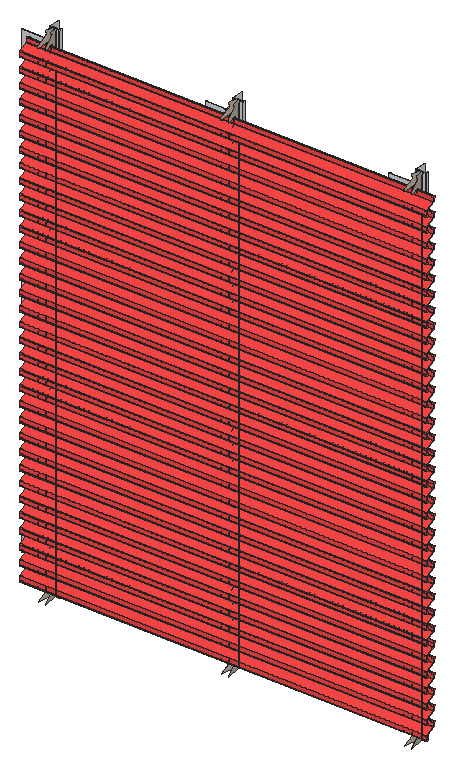
Revit family "HD002-2015.01.12-BT-Conjunto Celosia 70S", category Generic Models, Revit 2016 (continued)
Definition of nested family "Portapanel Paso 70"
  Forms (mm)
    Extrusion 31, void
      sketch origin (54.366, 0.652, 2014.344) x (0, 0, 1) y (0, 1, 0)
        loop
          line (63.925, -39) -> (49.964, -35.259)
          arc (49.964, -35.259) -> (46.36, -35.416) -> (43.498, -37.611) r 6
          line (43.498, -37.611) -> (15.394, -77.719)
          arc (15.394, -77.719) -> (13.607, -79.286) -> (11.299, -79.85) r 5
      from 0 to 250
    Extrusion 32, void
      sketch origin (54.366, 0.652, 2084.344) x (0, 0, 1) y (0, 1, 0)
        loop
          line (11.299, -79.85) -> (11.299, -81.029) -> (81.299, -81.029) -> (81.299, -79.85) -> (77.826, -79.85)
          arc (77.826, -79.85) -> (76.412, -79.264) -> (75.826, -77.85) r 2
          arc (75.826, -77.85) -> (76.119, -77.143) -> (76.826, -76.85) r 1
          line (76.826, -76.85) -> (77.826, -76.85)
          arc (77.826, -76.85) -> (78.18, -76.704) -> (78.326, -76.35) r 0.5
          line (78.326, -76.35) -> (78.326, -74.35)
          arc (78.326, -74.35) -> (78.18, -73.997) -> (77.826, -73.85) r 0.5
          line (77.826, -73.85) -> (76.175, -73.85)
          arc (76.175, -73.85) -> (74.589, -73.068) -> (74.243, -71.333) r 2
          line (74.243, -71.333) -> (83.826, -35.57) -> (83.826, -27.35)
          arc (83.826, -27.35) -> (82.947, -25.229) -> (80.826, -24.35) r 3
          line (80.826, -24.35) -> (66.826, -24.35)
          arc (66.826, -24.35) -> (64.705, -25.229) -> (63.826, -27.35) r 3
          line (63.826, -27.35) -> (63.826, -31.829)
          arc (63.826, -31.829) -> (63.939, -32.291) -> (64.252, -32.648) r 1
          line (64.252, -32.648) -> (67.062, -34.616) -> (68.897, -34.124) -> (71.168, -34.951)
          arc (71.168, -34.951) -> (71.822, -35.803) -> (71.326, -36.756) r 1
          line (71.326, -36.756) -> (68.478, -38.4)
          arc (68.478, -38.4) -> (66.261, -39.153) -> (63.925, -39) r 6
          line (63.925, -39) -> (49.964, -35.259)
          arc (49.964, -35.259) -> (46.36, -35.416) -> (43.498, -37.611) r 6
          line (43.498, -37.611) -> (15.394, -77.719)
          arc (15.394, -77.719) -> (13.607, -79.286) -> (11.299, -79.85) r 5
      from 0 to 250
    Extrusion 33, void
      sketch origin (54.366, 0.652, 2154.344) x (0, 0, 1) y (0, 1, 0)
        loop
          line (11.299, -79.85) -> (11.299, -81.029) -> (81.299, -81.029) -> (81.299, -79.85) -> (77.826, -79.85)
          arc (77.826, -79.85) -> (76.412, -79.264) -> (75.826, -77.85) r 2
          arc (75.826, -77.85) -> (76.119, -77.143) -> (76.826, -76.85) r 1
          line (76.826, -76.85) -> (77.826, -76.85)
          arc (77.826, -76.85) -> (78.18, -76.704) -> (78.326, -76.35) r 0.5
          line (78.326, -76.35) -> (78.326, -74.35)
          arc (78.326, -74.35) -> (78.18, -73.997) -> (77.826, -73.85) r 0.5
          line (77.826, -73.85) -> (76.175, -73.85)
          arc (76.175, -73.85) -> (74.589, -73.068) -> (74.243, -71.333) r 2
          line (74.243, -71.333) -> (83.826, -35.57) -> (83.826, -27.35)
          arc (83.826, -27.35) -> (82.947, -25.229) -> (80.826, -24.35) r 3
          line (80.826, -24.35) -> (66.826, -24.35)
          arc (66.826, -24.35) -> (64.705, -25.229) -> (63.826, -27.35) r 3
          line (63.826, -27.35) -> (63.826, -31.829)
          arc (63.826, -31.829) -> (63.939, -32.291) -> (64.252, -32.648) r 1
          line (64.252, -32.648) -> (67.062, -34.616) -> (68.897, -34.124) -> (71.168, -34.951)
          arc (71.168, -34.951) -> (71.822, -35.803) -> (71.326, -36.756) r 1
          line (71.326, -36.756) -> (68.478, -38.4)
          arc (68.478, -38.4) -> (66.261, -39.153) -> (63.925, -39) r 6
          line (63.925, -39) -> (49.964, -35.259)
          arc (49.964, -35.259) -> (46.36, -35.416) -> (43.498, -37.611) r 6
          line (43.498, -37.611) -> (15.394, -77.719)
          arc (15.394, -77.719) -> (13.607, -79.286) -> (11.299, -79.85) r 5
      from 0 to 250
    Extrusion 34, void
      sketch origin (54.366, 0.652, 2224.344) x (0, 0, 1) y (0, 1, 0)
        loop
          line (11.299, -79.85) -> (11.299, -81.029) -> (81.299, -81.029) -> (81.299, -79.85) -> (77.826, -79.85)
          arc (77.826, -79.85) -> (76.412, -79.264) -> (75.826, -77.85) r 2
          arc (75.826, -77.85) -> (76.119, -77.143) -> (76.826, -76.85) r 1
          line (76.826, -76.85) -> (77.826, -76.85)
          arc (77.826, -76.85) -> (78.18, -76.704) -> (78.326, -76.35) r 0.5
          line (78.326, -76.35) -> (78.326, -74.35)
          arc (78.326, -74.35) -> (78.18, -73.997) -> (77.826, -73.85) r 0.5
          line (77.826, -73.85) -> (76.175, -73.85)
          arc (76.175, -73.85) -> (74.589, -73.068) -> (74.243, -71.333) r 2
          line (74.243, -71.333) -> (83.826, -35.57) -> (83.826, -27.35)
          arc (83.826, -27.35) -> (82.947, -25.229) -> (80.826, -24.35) r 3
          line (80.826, -24.35) -> (66.826, -24.35)
          arc (66.826, -24.35) -> (64.705, -25.229) -> (63.826, -27.35) r 3
          line (63.826, -27.35) -> (63.826, -31.829)
          arc (63.826, -31.829) -> (63.939, -32.291) -> (64.252, -32.648) r 1
          line (64.252, -32.648) -> (67.062, -34.616) -> (68.897, -34.124) -> (71.168, -34.951)
          arc (71.168, -34.951) -> (71.822, -35.803) -> (71.326, -36.756) r 1
          line (71.326, -36.756) -> (68.478, -38.4)
          arc (68.478, -38.4) -> (66.261, -39.153) -> (63.925, -39) r 6
          line (63.925, -39) -> (49.964, -35.259)
          arc (49.964, -35.259) -> (46.36, -35.416) -> (43.498, -37.611) r 6
          line (43.498, -37.611) -> (15.394, -77.719)
          arc (15.394, -77.719) -> (13.607, -79.286) -> (11.299, -79.85) r 5
      from 0 to 250
    Extrusion 35, void
      sketch origin (54.366, 0.652, 2294.344) x (0, 0, 1) y (0, 1, 0)
        loop
          line (11.299, -79.85) -> (11.299, -81.029) -> (81.299, -81.029) -> (81.299, -79.85) -> (77.826, -79.85)
          arc (77.826, -79.85) -> (76.412, -79.264) -> (75.826, -77.85) r 2
          arc (75.826, -77.85) -> (76.119, -77.143) -> (76.826, -76.85) r 1
          line (76.826, -76.85) -> (77.826, -76.85)
          arc (77.826, -76.85) -> (78.18, -76.704) -> (78.326, -76.35) r 0.5
          line (78.326, -76.35) -> (78.326, -74.35)
          arc (78.326, -74.35) -> (78.18, -73.997) -> (77.826, -73.85) r 0.5
          line (77.826, -73.85) -> (76.175, -73.85)
          arc (76.175, -73.85) -> (74.589, -73.068) -> (74.243, -71.333) r 2
          line (74.243, -71.333) -> (83.826, -35.57) -> (83.826, -27.35)
          arc (83.826, -27.35) -> (82.947, -25.229) -> (80.826, -24.35) r 3
          line (80.826, -24.35) -> (66.826, -24.35)
          arc (66.826, -24.35) -> (64.705, -25.229) -> (63.826, -27.35) r 3
          line (63.826, -27.35) -> (63.826, -31.829)
          arc (63.826, -31.829) -> (63.939, -32.291) -> (64.252, -32.648) r 1
          line (64.252, -32.648) -> (67.062, -34.616) -> (68.897, -34.124) -> (71.168, -34.951)
          arc (71.168, -34.951) -> (71.822, -35.803) -> (71.326, -36.756) r 1
          line (71.326, -36.756) -> (68.478, -38.4)
          arc (68.478, -38.4) -> (66.261, -39.153) -> (63.925, -39) r 6
          line (63.925, -39) -> (49.964, -35.259)
          arc (49.964, -35.259) -> (46.36, -35.416) -> (43.498, -37.611) r 6
          line (43.498, -37.611) -> (15.394, -77.719)
          arc (15.394, -77.719) -> (13.607, -79.286) -> (11.299, -79.85) r 5
      from 0 to 250
    Extrusion 36, void
      sketch origin (54.366, 0.652, 2364.344) x (0, 0, 1) y (0, 1, 0)
        loop
          line (11.299, -79.85) -> (11.299, -81.029) -> (81.299, -81.029) -> (81.299, -79.85) -> (77.826, -79.85)
          arc (77.826, -79.85) -> (76.412, -79.264) -> (75.826, -77.85) r 2
          arc (75.826, -77.85) -> (76.119, -77.143) -> (76.826, -76.85) r 1
          line (76.826, -76.85) -> (77.826, -76.85)
          arc (77.826, -76.85) -> (78.18, -76.704) -> (78.326, -76.35) r 0.5
          line (78.326, -76.35) -> (78.326, -74.35)
          arc (78.326, -74.35) -> (78.18, -73.997) -> (77.826, -73.85) r 0.5
          line (77.826, -73.85) -> (76.175, -73.85)
          arc (76.175, -73.85) -> (74.589, -73.068) -> (74.243, -71.333) r 2
          line (74.243, -71.333) -> (83.826, -35.57) -> (83.826, -27.35)
          arc (83.826, -27.35) -> (82.947, -25.229) -> (80.826, -24.35) r 3
          line (80.826, -24.35) -> (66.826, -24.35)
          arc (66.826, -24.35) -> (64.705, -25.229) -> (63.826, -27.35) r 3
          line (63.826, -27.35) -> (63.826, -31.829)
          arc (63.826, -31.829) -> (63.939, -32.291) -> (64.252, -32.648) r 1
          line (64.252, -32.648) -> (67.062, -34.616) -> (68.897, -34.124) -> (71.168, -34.951)
          arc (71.168, -34.951) -> (71.822, -35.803) -> (71.326, -36.756) r 1
          line (71.326, -36.756) -> (68.478, -38.4)
          arc (68.478, -38.4) -> (66.261, -39.153) -> (63.925, -39) r 6
          line (63.925, -39) -> (49.964, -35.259)
          arc (49.964, -35.259) -> (46.36, -35.416) -> (43.498, -37.611) r 6
          line (43.498, -37.611) -> (15.394, -77.719)
          arc (15.394, -77.719) -> (13.607, -79.286) -> (11.299, -79.85) r 5
      from 0 to 250
    Extrusion 37, void
      sketch origin (54.366, 0.652, 2434.344) x (0, 0, 1) y (0, 1, 0)
        loop
          line (11.299, -79.85) -> (11.299, -81.029) -> (81.299, -81.029) -> (81.299, -79.85) -> (77.826, -79.85)
          arc (77.826, -79.85) -> (76.412, -79.264) -> (75.826, -77.85) r 2
          arc (75.826, -77.85) -> (76.119, -77.143) -> (76.826, -76.85) r 1
          line (76.826, -76.85) -> (77.826, -76.85)
          arc (77.826, -76.85) -> (78.18, -76.704) -> (78.326, -76.35) r 0.5
          line (78.326, -76.35) -> (78.326, -74.35)
          arc (78.326, -74.35) -> (78.18, -73.997) -> (77.826, -73.85) r 0.5
          line (77.826, -73.85) -> (76.175, -73.85)
          arc (76.175, -73.85) -> (74.589, -73.068) -> (74.243, -71.333) r 2
          line (74.243, -71.333) -> (83.826, -35.57) -> (83.826, -27.35)
          arc (83.826, -27.35) -> (82.947, -25.229) -> (80.826, -24.35) r 3
          line (80.826, -24.35) -> (66.826, -24.35)
          arc (66.826, -24.35) -> (64.705, -25.229) -> (63.826, -27.35) r 3
          line (63.826, -27.35) -> (63.826, -31.829)
          arc (63.826, -31.829) -> (63.939, -32.291) -> (64.252, -32.648) r 1
          line (64.252, -32.648) -> (67.062, -34.616) -> (68.897, -34.124) -> (71.168, -34.951)
          arc (71.168, -34.951) -> (71.822, -35.803) -> (71.326, -36.756) r 1
          line (71.326, -36.756) -> (68.478, -38.4)
          arc (68.478, -38.4) -> (66.261, -39.153) -> (63.925, -39) r 6
          line (63.925, -39) -> (49.964, -35.259)
          arc (49.964, -35.259) -> (46.36, -35.416) -> (43.498, -37.611) r 6
          line (43.498, -37.611) -> (15.394, -77.719)
          arc (15.394, -77.719) -> (13.607, -79.286) -> (11.299, -79.85) r 5
      from 0 to 250
  Cuts and joins
    Extrusion 2, Extrusion 3, Extrusion 4, Extrusion 5, Extrusion 6, Extrusion 7, Extrusion 8, Extrusion 9, Extrusion 10, Extrusion 11, Extrusion 12, Extrusion 13, Extrusion 14, Extrusion 15, Extrusion 16, Extrusion 17, Extrusion 18, Extrusion 19, Extrusion 20, Extrusion 21, Extrusion 22, Extrusion 23, Extrusion 24, Extrusion 25, Extrusion 26, Extrusion 27, Extrusion 28, Extrusion 29, Extrusion 30, Extrusion 31, Extrusion 32, Extrusion 33, Extrusion 34, Extrusion 35, Extrusion 36, Extrusion 37 cuts Extrusion 1
  Dimensions and locks
    equal spacing: group 1, group 2, group 3, group 4, group 5, group 6, group 7, group 8, group 9, group 10, group 11, group 12, group 13, group 14, group 15, group 16, group 17, group 18, group 19, group 20, group 21, group 22, group 23, group 24, group 25, group 26, group 27, group 28, group 29, group 30, group 31, group 32, group 33, group 34, group 35, group 36  (x3)
    "Largo": cut or joined group 1 (Extrusion 1, Extrusion 2, Extrusion 3, Extrusion 4, Extrusion 5, Extrusion 6, Extrusion 7, Extrusion 8, Extrusion 9, Extrusion 10, Extrusion 11, Extrusion 12, Extrusion 13, Extrusion 14, Extrusion 15, Extrusion 16, Extrusion 17, Extrusion 18, Extrusion 19, Extrusion 20, Extrusion 21, Extrusion 22, Extrusion 23, Extrusion 24, Extrusion 25, Extrusion 26, Extrusion 27, Extrusion 28, Extrusion 29, Extrusion 30, Extrusion 31, Extrusion 32, Extrusion 33, Extrusion 34, Extrusion 35, Extrusion 36, Extrusion 37) to cut or joined group 1
    aligned and locked: level to plane 2
  Automatic sketch dimensions
    Extrusion 2 sketch curve to Extrusion 2 sketch curve = 4.095 mm
    Extrusion 2 sketch curve to Extrusion 2 sketch curve = 4.914 mm
    Extrusion 2 sketch curve to Extrusion 2 sketch curve = 1.553 mm
    Extrusion 2 sketch curve to Extrusion 2 sketch curve = 0.426 mm
    Extrusion 2 sketch curve to Extrusion 2 sketch curve = 0.574 mm
    Extrusion 2 sketch curve to Extrusion 2 sketch curve = 1.226 mm
    Extrusion 2 sketch curve to Extrusion 2 sketch curve = 1.584 mm
    Extrusion 2 sketch curve to Extrusion 2 sketch curve = 0.342 mm
    Extrusion 2 sketch curve to Extrusion 2 sketch curve = 0.5 mm  (x2)
    Extrusion 2 sketch curve to Extrusion 2 sketch curve = 1.932 mm
    Extrusion 2 sketch curve to Extrusion 2 sketch curve = 0.651 mm
    Extrusion 2 sketch curve to Extrusion 2 sketch curve = 1 mm  (x3)
    Extrusion 2 sketch curve to Extrusion 2 sketch curve = 1.651 mm
    Extrusion 2 sketch curve to Extrusion 2 sketch curve = 3.473 mm
    Extrusion 2 sketch curve to Extrusion 2 sketch curve = 3 mm  (x2)
    Extrusion 2 sketch curve to Extrusion 2 sketch curve = 1.179 mm  (x2)
    Extrusion 2 sketch curve to Extrusion 2 sketch curve = 2 mm  (x3)
    Extrusion 2 sketch curve to Extrusion 2 sketch curve = 2.131 mm
    Extrusion 2 sketch curve to Extrusion 2 sketch curve = 30.278 mm
    Extrusion 2 sketch curve to Extrusion 2 sketch curve = 2.055 mm
    Extrusion 2 sketch curve to Extrusion 2 sketch curve = 0.599 mm
    Extrusion 2 sketch curve to Extrusion 2 sketch curve = 3.443 mm
    Extrusion 2 sketch curve to Extrusion 2 sketch curve = 1.644 mm
    Extrusion 2 sketch curve to Extrusion 2 sketch curve = 0.866 mm
    Extrusion 2 sketch curve to Extrusion 2 sketch curve = 1.187 mm
    Extrusion 2 sketch curve to Extrusion 2 sketch curve = 1.411 mm
    Extrusion 2 sketch curve to Extrusion 2 sketch curve = 0.492 mm
    Extrusion 2 sketch curve to Extrusion 2 sketch curve = 0.556 mm
    Extrusion 2 sketch curve to Extrusion 2 sketch curve = 4.479 mm
    Extrusion 2 sketch curve to Extrusion 2 sketch curve = 28.103 mm
    Extrusion 2 sketch curve to Extrusion 2 sketch curve = 13.862 mm
    Extrusion 2 sketch curve to Extrusion 2 sketch curve = 3.136 mm
    Extrusion 2 sketch curve to Extrusion 2 sketch curve = 1.416 mm
    Extrusion 2 sketch curve to Extrusion 2 sketch curve = 1.835 mm
    Extrusion 2 sketch curve to Extrusion 2 sketch curve = 1.929 mm
    Extrusion 2 sketch curve to Extrusion 2 sketch curve = 5.765 mm
    Extrusion 2 sketch curve to Extrusion 2 sketch curve = 9.658 mm
    Extrusion 3 sketch curve to Extrusion 3 sketch curve = 4.095 mm
    Extrusion 3 sketch curve to Extrusion 3 sketch curve = 4.914 mm
    Extrusion 3 sketch curve to Extrusion 3 sketch curve = 1.553 mm
    Extrusion 3 sketch curve to Extrusion 3 sketch curve = 0.426 mm
    Extrusion 3 sketch curve to Extrusion 3 sketch curve = 0.574 mm
    Extrusion 3 sketch curve to Extrusion 3 sketch curve = 1.226 mm
    Extrusion 3 sketch curve to Extrusion 3 sketch curve = 1.584 mm
    Extrusion 3 sketch curve to Extrusion 3 sketch curve = 0.342 mm
    Extrusion 3 sketch curve to Extrusion 3 sketch curve = 0.5 mm  (x2)
    Extrusion 3 sketch curve to Extrusion 3 sketch curve = 1.932 mm
    Extrusion 3 sketch curve to Extrusion 3 sketch curve = 0.651 mm
    Extrusion 3 sketch curve to Extrusion 3 sketch curve = 1 mm  (x3)
    Extrusion 3 sketch curve to Extrusion 3 sketch curve = 1.651 mm
    Extrusion 3 sketch curve to Extrusion 3 sketch curve = 3.473 mm
    Extrusion 3 sketch curve to Extrusion 3 sketch curve = 3 mm  (x2)
    Extrusion 3 sketch curve to Extrusion 3 sketch curve = 1.179 mm  (x2)
    Extrusion 3 sketch curve to Extrusion 3 sketch curve = 2 mm  (x3)
    Extrusion 3 sketch curve to Extrusion 3 sketch curve = 2.131 mm
    Extrusion 3 sketch curve to Extrusion 3 sketch curve = 30.278 mm
    Extrusion 3 sketch curve to Extrusion 3 sketch curve = 2.055 mm
    Extrusion 3 sketch curve to Extrusion 3 sketch curve = 0.599 mm
    Extrusion 3 sketch curve to Extrusion 3 sketch curve = 3.443 mm
    Extrusion 3 sketch curve to Extrusion 3 sketch curve = 1.644 mm
    Extrusion 3 sketch curve to Extrusion 3 sketch curve = 0.866 mm
    Extrusion 3 sketch curve to Extrusion 3 sketch curve = 1.187 mm
    Extrusion 3 sketch curve to Extrusion 3 sketch curve = 1.411 mm
    Extrusion 3 sketch curve to Extrusion 3 sketch curve = 0.492 mm
    Extrusion 3 sketch curve to Extrusion 3 sketch curve = 0.556 mm
    Extrusion 3 sketch curve to Extrusion 3 sketch curve = 4.479 mm
    Extrusion 3 sketch curve to Extrusion 3 sketch curve = 28.103 mm
    Extrusion 3 sketch curve to Extrusion 3 sketch curve = 13.862 mm
    Extrusion 3 sketch curve to Extrusion 3 sketch curve = 3.136 mm
    Extrusion 3 sketch curve to Extrusion 3 sketch curve = 1.416 mm
    Extrusion 3 sketch curve to Extrusion 3 sketch curve = 1.835 mm
    Extrusion 3 sketch curve to Extrusion 3 sketch curve = 1.929 mm
    Extrusion 3 sketch curve to Extrusion 3 sketch curve = 5.765 mm
    Extrusion 3 sketch curve to Extrusion 3 sketch curve = 9.658 mm
    Extrusion 4 sketch curve to Extrusion 4 sketch curve = 4.095 mm
    Extrusion 4 sketch curve to Extrusion 4 sketch curve = 4.914 mm
    Extrusion 4 sketch curve to Extrusion 4 sketch curve = 1.553 mm
    Extrusion 4 sketch curve to Extrusion 4 sketch curve = 0.426 mm
    Extrusion 4 sketch curve to Extrusion 4 sketch curve = 0.574 mm
    Extrusion 4 sketch curve to Extrusion 4 sketch curve = 1.226 mm
    Extrusion 4 sketch curve to Extrusion 4 sketch curve = 1.584 mm
    Extrusion 4 sketch curve to Extrusion 4 sketch curve = 0.342 mm
    Extrusion 4 sketch curve to Extrusion 4 sketch curve = 0.5 mm  (x2)
    Extrusion 4 sketch curve to Extrusion 4 sketch curve = 1.932 mm
    Extrusion 4 sketch curve to Extrusion 4 sketch curve = 0.651 mm
    Extrusion 4 sketch curve to Extrusion 4 sketch curve = 1 mm  (x3)
    Extrusion 4 sketch curve to Extrusion 4 sketch curve = 1.651 mm
    Extrusion 4 sketch curve to Extrusion 4 sketch curve = 3.473 mm
    Extrusion 4 sketch curve to Extrusion 4 sketch curve = 3 mm  (x2)
    Extrusion 4 sketch curve to Extrusion 4 sketch curve = 1.179 mm  (x2)
    Extrusion 4 sketch curve to Extrusion 4 sketch curve = 2 mm  (x3)
    Extrusion 4 sketch curve to Extrusion 4 sketch curve = 2.131 mm
    Extrusion 4 sketch curve to Extrusion 4 sketch curve = 30.278 mm
    Extrusion 4 sketch curve to Extrusion 4 sketch curve = 2.055 mm
    Extrusion 4 sketch curve to Extrusion 4 sketch curve = 0.599 mm
    Extrusion 4 sketch curve to Extrusion 4 sketch curve = 3.443 mm
    Extrusion 4 sketch curve to Extrusion 4 sketch curve = 1.644 mm
    Extrusion 4 sketch curve to Extrusion 4 sketch curve = 0.866 mm
    Extrusion 4 sketch curve to Extrusion 4 sketch curve = 1.187 mm
    Extrusion 4 sketch curve to Extrusion 4 sketch curve = 1.411 mm
    Extrusion 4 sketch curve to Extrusion 4 sketch curve = 0.492 mm
    Extrusion 4 sketch curve to Extrusion 4 sketch curve = 0.556 mm
    Extrusion 4 sketch curve to Extrusion 4 sketch curve = 4.479 mm
    Extrusion 4 sketch curve to Extrusion 4 sketch curve = 28.103 mm
    Extrusion 4 sketch curve to Extrusion 4 sketch curve = 13.862 mm
    Extrusion 4 sketch curve to Extrusion 4 sketch curve = 3.136 mm
    Extrusion 4 sketch curve to Extrusion 4 sketch curve = 1.416 mm
    Extrusion 4 sketch curve to Extrusion 4 sketch curve = 1.835 mm
    Extrusion 4 sketch curve to Extrusion 4 sketch curve = 1.929 mm
    Extrusion 4 sketch curve to Extrusion 4 sketch curve = 5.765 mm
    Extrusion 4 sketch curve to Extrusion 4 sketch curve = 9.658 mm
    Extrusion 5 sketch curve to Extrusion 5 sketch curve = 4.095 mm
    Extrusion 5 sketch curve to Extrusion 5 sketch curve = 4.914 mm
    Extrusion 5 sketch curve to Extrusion 5 sketch curve = 1.553 mm
    Extrusion 5 sketch curve to Extrusion 5 sketch curve = 0.426 mm
    Extrusion 5 sketch curve to Extrusion 5 sketch curve = 0.574 mm
    Extrusion 5 sketch curve to Extrusion 5 sketch curve = 1.226 mm
    Extrusion 5 sketch curve to Extrusion 5 sketch curve = 1.584 mm
    Extrusion 5 sketch curve to Extrusion 5 sketch curve = 0.342 mm
    Extrusion 5 sketch curve to Extrusion 5 sketch curve = 0.5 mm  (x2)
    Extrusion 5 sketch curve to Extrusion 5 sketch curve = 1.932 mm
    Extrusion 5 sketch curve to Extrusion 5 sketch curve = 0.651 mm
    Extrusion 5 sketch curve to Extrusion 5 sketch curve = 1 mm  (x3)
    Extrusion 5 sketch curve to Extrusion 5 sketch curve = 1.651 mm
    Extrusion 5 sketch curve to Extrusion 5 sketch curve = 3.473 mm
    Extrusion 5 sketch curve to Extrusion 5 sketch curve = 3 mm  (x2)
    Extrusion 5 sketch curve to Extrusion 5 sketch curve = 1.179 mm  (x2)
    Extrusion 5 sketch curve to Extrusion 5 sketch curve = 2 mm  (x3)
    Extrusion 5 sketch curve to Extrusion 5 sketch curve = 2.131 mm
    Extrusion 5 sketch curve to Extrusion 5 sketch curve = 30.278 mm
    Extrusion 5 sketch curve to Extrusion 5 sketch curve = 2.055 mm
    Extrusion 5 sketch curve to Extrusion 5 sketch curve = 0.599 mm
    Extrusion 5 sketch curve to Extrusion 5 sketch curve = 3.443 mm
    Extrusion 5 sketch curve to Extrusion 5 sketch curve = 1.644 mm
    Extrusion 5 sketch curve to Extrusion 5 sketch curve = 0.866 mm
    Extrusion 5 sketch curve to Extrusion 5 sketch curve = 1.187 mm
    Extrusion 5 sketch curve to Extrusion 5 sketch curve = 1.411 mm
    Extrusion 5 sketch curve to Extrusion 5 sketch curve = 0.492 mm
    Extrusion 5 sketch curve to Extrusion 5 sketch curve = 0.556 mm
    Extrusion 5 sketch curve to Extrusion 5 sketch curve = 4.479 mm
    Extrusion 5 sketch curve to Extrusion 5 sketch curve = 28.103 mm
    Extrusion 5 sketch curve to Extrusion 5 sketch curve = 13.862 mm
    Extrusion 5 sketch curve to Extrusion 5 sketch curve = 3.136 mm
    Extrusion 5 sketch curve to Extrusion 5 sketch curve = 1.416 mm
    Extrusion 5 sketch curve to Extrusion 5 sketch curve = 1.835 mm
    Extrusion 5 sketch curve to Extrusion 5 sketch curve = 1.929 mm
    Extrusion 5 sketch curve to Extrusion 5 sketch curve = 5.765 mm
    Extrusion 5 sketch curve to Extrusion 5 sketch curve = 9.658 mm
    Extrusion 6 sketch curve to Extrusion 6 sketch curve = 4.095 mm
    Extrusion 6 sketch curve to Extrusion 6 sketch curve = 4.914 mm
    Extrusion 6 sketch curve to Extrusion 6 sketch curve = 1.553 mm
    Extrusion 6 sketch curve to Extrusion 6 sketch curve = 0.426 mm
    Extrusion 6 sketch curve to Extrusion 6 sketch curve = 0.574 mm
    Extrusion 6 sketch curve to Extrusion 6 sketch curve = 1.226 mm
    Extrusion 6 sketch curve to Extrusion 6 sketch curve = 1.584 mm
    Extrusion 6 sketch curve to Extrusion 6 sketch curve = 0.342 mm
    Extrusion 6 sketch curve to Extrusion 6 sketch curve = 0.5 mm  (x2)
    Extrusion 6 sketch curve to Extrusion 6 sketch curve = 1.932 mm
    Extrusion 6 sketch curve to Extrusion 6 sketch curve = 0.651 mm
    Extrusion 6 sketch curve to Extrusion 6 sketch curve = 1 mm  (x3)
    Extrusion 6 sketch curve to Extrusion 6 sketch curve = 1.651 mm
    Extrusion 6 sketch curve to Extrusion 6 sketch curve = 3.473 mm
    Extrusion 6 sketch curve to Extrusion 6 sketch curve = 3 mm  (x2)
    Extrusion 6 sketch curve to Extrusion 6 sketch curve = 1.179 mm  (x2)
    Extrusion 6 sketch curve to Extrusion 6 sketch curve = 2 mm  (x3)
    Extrusion 6 sketch curve to Extrusion 6 sketch curve = 2.131 mm
    Extrusion 6 sketch curve to Extrusion 6 sketch curve = 30.278 mm
    Extrusion 6 sketch curve to Extrusion 6 sketch curve = 2.055 mm
    Extrusion 6 sketch curve to Extrusion 6 sketch curve = 0.599 mm
    Extrusion 6 sketch curve to Extrusion 6 sketch curve = 3.443 mm
    Extrusion 6 sketch curve to Extrusion 6 sketch curve = 1.644 mm
    Extrusion 6 sketch curve to Extrusion 6 sketch curve = 0.866 mm
    Extrusion 6 sketch curve to Extrusion 6 sketch curve = 1.187 mm
    Extrusion 6 sketch curve to Extrusion 6 sketch curve = 1.411 mm
    Extrusion 6 sketch curve to Extrusion 6 sketch curve = 0.492 mm
    Extrusion 6 sketch curve to Extrusion 6 sketch curve = 0.556 mm
    Extrusion 6 sketch curve to Extrusion 6 sketch curve = 4.479 mm
    Extrusion 6 sketch curve to Extrusion 6 sketch curve = 28.103 mm
    Extrusion 6 sketch curve to Extrusion 6 sketch curve = 13.862 mm
    Extrusion 6 sketch curve to Extrusion 6 sketch curve = 3.136 mm
    Extrusion 6 sketch curve to Extrusion 6 sketch curve = 1.416 mm
    Extrusion 6 sketch curve to Extrusion 6 sketch curve = 1.835 mm
    Extrusion 6 sketch curve to Extrusion 6 sketch curve = 1.929 mm
    Extrusion 6 sketch curve to Extrusion 6 sketch curve = 5.765 mm
    Extrusion 6 sketch curve to Extrusion 6 sketch curve = 9.658 mm
    Extrusion 7 sketch curve to Extrusion 7 sketch curve = 4.095 mm
    Extrusion 7 sketch curve to Extrusion 7 sketch curve = 4.914 mm
    Extrusion 7 sketch curve to Extrusion 7 sketch curve = 1.553 mm
    Extrusion 7 sketch curve to Extrusion 7 sketch curve = 0.426 mm
    Extrusion 7 sketch curve to Extrusion 7 sketch curve = 0.574 mm
    Extrusion 7 sketch curve to Extrusion 7 sketch curve = 1.226 mm
    Extrusion 7 sketch curve to Extrusion 7 sketch curve = 1.584 mm
    Extrusion 7 sketch curve to Extrusion 7 sketch curve = 0.342 mm
    Extrusion 7 sketch curve to Extrusion 7 sketch curve = 0.5 mm  (x2)
    Extrusion 7 sketch curve to Extrusion 7 sketch curve = 1.932 mm
    Extrusion 7 sketch curve to Extrusion 7 sketch curve = 0.651 mm
    Extrusion 7 sketch curve to Extrusion 7 sketch curve = 1 mm  (x3)
    Extrusion 7 sketch curve to Extrusion 7 sketch curve = 1.651 mm
    Extrusion 7 sketch curve to Extrusion 7 sketch curve = 3.473 mm
    Extrusion 7 sketch curve to Extrusion 7 sketch curve = 3 mm  (x2)
    Extrusion 7 sketch curve to Extrusion 7 sketch curve = 1.179 mm  (x2)
    Extrusion 7 sketch curve to Extrusion 7 sketch curve = 2 mm  (x3)
    Extrusion 7 sketch curve to Extrusion 7 sketch curve = 2.131 mm
    Extrusion 7 sketch curve to Extrusion 7 sketch curve = 30.278 mm
    Extrusion 7 sketch curve to Extrusion 7 sketch curve = 2.055 mm
    Extrusion 7 sketch curve to Extrusion 7 sketch curve = 0.599 mm
    Extrusion 7 sketch curve to Extrusion 7 sketch curve = 3.443 mm
    Extrusion 7 sketch curve to Extrusion 7 sketch curve = 1.644 mm
    Extrusion 7 sketch curve to Extrusion 7 sketch curve = 0.866 mm
    Extrusion 7 sketch curve to Extrusion 7 sketch curve = 1.187 mm
    Extrusion 7 sketch curve to Extrusion 7 sketch curve = 1.411 mm
    Extrusion 7 sketch curve to Extrusion 7 sketch curve = 0.492 mm
    Extrusion 7 sketch curve to Extrusion 7 sketch curve = 0.556 mm
    Extrusion 7 sketch curve to Extrusion 7 sketch curve = 4.479 mm
    Extrusion 7 sketch curve to Extrusion 7 sketch curve = 28.103 mm
    Extrusion 7 sketch curve to Extrusion 7 sketch curve = 13.862 mm
    Extrusion 7 sketch curve to Extrusion 7 sketch curve = 3.136 mm
    Extrusion 7 sketch curve to Extrusion 7 sketch curve = 1.416 mm
    Extrusion 7 sketch curve to Extrusion 7 sketch curve = 1.835 mm
    Extrusion 7 sketch curve to Extrusion 7 sketch curve = 1.929 mm
    Extrusion 7 sketch curve to Extrusion 7 sketch curve = 5.765 mm
    Extrusion 7 sketch curve to Extrusion 7 sketch curve = 9.658 mm
    Extrusion 8 sketch curve to Extrusion 8 sketch curve = 4.095 mm
    Extrusion 8 sketch curve to Extrusion 8 sketch curve = 4.914 mm
    Extrusion 8 sketch curve to Extrusion 8 sketch curve = 1.553 mm
    Extrusion 8 sketch curve to Extrusion 8 sketch curve = 0.426 mm
    Extrusion 8 sketch curve to Extrusion 8 sketch curve = 0.574 mm
    Extrusion 8 sketch curve to Extrusion 8 sketch curve = 1.226 mm
    Extrusion 8 sketch curve to Extrusion 8 sketch curve = 1.584 mm
    Extrusion 8 sketch curve to Extrusion 8 sketch curve = 0.342 mm
    Extrusion 8 sketch curve to Extrusion 8 sketch curve = 0.5 mm  (x2)
    Extrusion 8 sketch curve to Extrusion 8 sketch curve = 1.932 mm
    Extrusion 8 sketch curve to Extrusion 8 sketch curve = 0.651 mm
    Extrusion 8 sketch curve to Extrusion 8 sketch curve = 1 mm  (x3)
    Extrusion 8 sketch curve to Extrusion 8 sketch curve = 1.651 mm
    Extrusion 8 sketch curve to Extrusion 8 sketch curve = 3.473 mm
    Extrusion 8 sketch curve to Extrusion 8 sketch curve = 3 mm  (x2)
    Extrusion 8 sketch curve to Extrusion 8 sketch curve = 1.179 mm  (x2)
    Extrusion 8 sketch curve to Extrusion 8 sketch curve = 2 mm  (x3)
    Extrusion 8 sketch curve to Extrusion 8 sketch curve = 2.131 mm
    Extrusion 8 sketch curve to Extrusion 8 sketch curve = 30.278 mm
    Extrusion 8 sketch curve to Extrusion 8 sketch curve = 2.055 mm
    Extrusion 8 sketch curve to Extrusion 8 sketch curve = 0.599 mm
    Extrusion 8 sketch curve to Extrusion 8 sketch curve = 3.443 mm
    Extrusion 8 sketch curve to Extrusion 8 sketch curve = 1.644 mm
    Extrusion 8 sketch curve to Extrusion 8 sketch curve = 0.866 mm
    Extrusion 8 sketch curve to Extrusion 8 sketch curve = 1.187 mm
    Extrusion 8 sketch curve to Extrusion 8 sketch curve = 1.411 mm
    Extrusion 8 sketch curve to Extrusion 8 sketch curve = 0.492 mm
    Extrusion 8 sketch curve to Extrusion 8 sketch curve = 0.556 mm
    Extrusion 8 sketch curve to Extrusion 8 sketch curve = 4.479 mm
    Extrusion 8 sketch curve to Extrusion 8 sketch curve = 28.103 mm
    Extrusion 8 sketch curve to Extrusion 8 sketch curve = 13.862 mm
    Extrusion 8 sketch curve to Extrusion 8 sketch curve = 3.136 mm
    Extrusion 8 sketch curve to Extrusion 8 sketch curve = 1.416 mm
    Extrusion 8 sketch curve to Extrusion 8 sketch curve = 1.835 mm
    Extrusion 8 sketch curve to Extrusion 8 sketch curve = 1.929 mm
    Extrusion 8 sketch curve to Extrusion 8 sketch curve = 5.765 mm
    Extrusion 8 sketch curve to Extrusion 8 sketch curve = 9.658 mm
    Extrusion 9 sketch curve to Extrusion 9 sketch curve = 4.095 mm
    Extrusion 9 sketch curve to Extrusion 9 sketch curve = 4.914 mm
    Extrusion 9 sketch curve to Extrusion 9 sketch curve = 1.553 mm
    Extrusion 9 sketch curve to Extrusion 9 sketch curve = 0.426 mm
    Extrusion 9 sketch curve to Extrusion 9 sketch curve = 0.574 mm
    Extrusion 9 sketch curve to Extrusion 9 sketch curve = 1.226 mm
    Extrusion 9 sketch curve to Extrusion 9 sketch curve = 1.584 mm
    Extrusion 9 sketch curve to Extrusion 9 sketch curve = 0.342 mm
    Extrusion 9 sketch curve to Extrusion 9 sketch curve = 0.5 mm  (x2)
    Extrusion 9 sketch curve to Extrusion 9 sketch curve = 1.932 mm
    Extrusion 9 sketch curve to Extrusion 9 sketch curve = 0.651 mm
    Extrusion 9 sketch curve to Extrusion 9 sketch curve = 1 mm  (x3)
    Extrusion 9 sketch curve to Extrusion 9 sketch curve = 1.651 mm
    Extrusion 9 sketch curve to Extrusion 9 sketch curve = 3.473 mm
    Extrusion 9 sketch curve to Extrusion 9 sketch curve = 3 mm  (x2)
    Extrusion 9 sketch curve to Extrusion 9 sketch curve = 1.179 mm  (x2)
    Extrusion 9 sketch curve to Extrusion 9 sketch curve = 2 mm  (x3)
    Extrusion 9 sketch curve to Extrusion 9 sketch curve = 2.131 mm
    Extrusion 9 sketch curve to Extrusion 9 sketch curve = 30.278 mm
    Extrusion 9 sketch curve to Extrusion 9 sketch curve = 2.055 mm
    Extrusion 9 sketch curve to Extrusion 9 sketch curve = 0.599 mm
    Extrusion 9 sketch curve to Extrusion 9 sketch curve = 3.443 mm
    Extrusion 9 sketch curve to Extrusion 9 sketch curve = 1.644 mm
    Extrusion 9 sketch curve to Extrusion 9 sketch curve = 0.866 mm
    Extrusion 9 sketch curve to Extrusion 9 sketch curve = 1.187 mm
    Extrusion 9 sketch curve to Extrusion 9 sketch curve = 1.411 mm
    Extrusion 9 sketch curve to Extrusion 9 sketch curve = 0.492 mm
    Extrusion 9 sketch curve to Extrusion 9 sketch curve = 0.556 mm
    Extrusion 9 sketch curve to Extrusion 9 sketch curve = 4.479 mm
    Extrusion 9 sketch curve to Extrusion 9 sketch curve = 28.103 mm
    Extrusion 9 sketch curve to Extrusion 9 sketch curve = 13.862 mm
    Extrusion 9 sketch curve to Extrusion 9 sketch curve = 3.136 mm
    Extrusion 9 sketch curve to Extrusion 9 sketch curve = 1.416 mm
    Extrusion 9 sketch curve to Extrusion 9 sketch curve = 1.835 mm
    Extrusion 9 sketch curve to Extrusion 9 sketch curve = 1.929 mm
    Extrusion 9 sketch curve to Extrusion 9 sketch curve = 5.765 mm
    Extrusion 9 sketch curve to Extrusion 9 sketch curve = 9.658 mm
    Extrusion 10 sketch curve to Extrusion 10 sketch curve = 4.095 mm
    Extrusion 10 sketch curve to Extrusion 10 sketch curve = 4.914 mm
    Extrusion 10 sketch curve to Extrusion 10 sketch curve = 1.553 mm
    Extrusion 10 sketch curve to Extrusion 10 sketch curve = 0.426 mm
    Extrusion 10 sketch curve to Extrusion 10 sketch curve = 0.574 mm
    Extrusion 10 sketch curve to Extrusion 10 sketch curve = 1.226 mm
    Extrusion 10 sketch curve to Extrusion 10 sketch curve = 1.584 mm
    Extrusion 10 sketch curve to Extrusion 10 sketch curve = 0.342 mm
    Extrusion 10 sketch curve to Extrusion 10 sketch curve = 0.5 mm  (x2)
    Extrusion 10 sketch curve to Extrusion 10 sketch curve = 1.932 mm
    Extrusion 10 sketch curve to Extrusion 10 sketch curve = 0.651 mm
    Extrusion 10 sketch curve to Extrusion 10 sketch curve = 1 mm  (x3)
    Extrusion 10 sketch curve to Extrusion 10 sketch curve = 1.651 mm
    Extrusion 10 sketch curve to Extrusion 10 sketch curve = 3.473 mm
    Extrusion 10 sketch curve to Extrusion 10 sketch curve = 3 mm  (x2)
    Extrusion 10 sketch curve to Extrusion 10 sketch curve = 1.179 mm  (x2)
    Extrusion 10 sketch curve to Extrusion 10 sketch curve = 2 mm  (x3)
    Extrusion 10 sketch curve to Extrusion 10 sketch curve = 2.131 mm
    Extrusion 10 sketch curve to Extrusion 10 sketch curve = 30.278 mm
    Extrusion 10 sketch curve to Extrusion 10 sketch curve = 2.055 mm
    Extrusion 10 sketch curve to Extrusion 10 sketch curve = 0.599 mm
    Extrusion 10 sketch curve to Extrusion 10 sketch curve = 3.443 mm
    Extrusion 10 sketch curve to Extrusion 10 sketch curve = 1.644 mm
    Extrusion 10 sketch curve to Extrusion 10 sketch curve = 0.866 mm
    Extrusion 10 sketch curve to Extrusion 10 sketch curve = 1.187 mm
    Extrusion 10 sketch curve to Extrusion 10 sketch curve = 1.411 mm
    Extrusion 10 sketch curve to Extrusion 10 sketch curve = 0.492 mm
    Extrusion 10 sketch curve to Extrusion 10 sketch curve = 0.556 mm
    Extrusion 10 sketch curve to Extrusion 10 sketch curve = 4.479 mm
    Extrusion 10 sketch curve to Extrusion 10 sketch curve = 28.103 mm
    Extrusion 10 sketch curve to Extrusion 10 sketch curve = 13.862 mm
    Extrusion 10 sketch curve to Extrusion 10 sketch curve = 3.136 mm
    Extrusion 10 sketch curve to Extrusion 10 sketch curve = 1.416 mm
    Extrusion 10 sketch curve to Extrusion 10 sketch curve = 1.835 mm
    Extrusion 10 sketch curve to Extrusion 10 sketch curve = 1.929 mm
    Extrusion 10 sketch curve to Extrusion 10 sketch curve = 5.765 mm
    Extrusion 10 sketch curve to Extrusion 10 sketch curve = 9.658 mm
    Extrusion 11 sketch curve to Extrusion 11 sketch curve = 4.095 mm
    Extrusion 11 sketch curve to Extrusion 11 sketch curve = 4.914 mm
    Extrusion 11 sketch curve to Extrusion 11 sketch curve = 1.553 mm
    Extrusion 11 sketch curve to Extrusion 11 sketch curve = 0.426 mm
    Extrusion 11 sketch curve to Extrusion 11 sketch curve = 0.574 mm
    Extrusion 11 sketch curve to Extrusion 11 sketch curve = 1.226 mm
    Extrusion 11 sketch curve to Extrusion 11 sketch curve = 1.584 mm
    Extrusion 11 sketch curve to Extrusion 11 sketch curve = 0.342 mm
    Extrusion 11 sketch curve to Extrusion 11 sketch curve = 0.5 mm  (x2)
    Extrusion 11 sketch curve to Extrusion 11 sketch curve = 1.932 mm
    Extrusion 11 sketch curve to Extrusion 11 sketch curve = 0.651 mm
    Extrusion 11 sketch curve to Extrusion 11 sketch curve = 1 mm  (x3)
    Extrusion 11 sketch curve to Extrusion 11 sketch curve = 1.651 mm
    Extrusion 11 sketch curve to Extrusion 11 sketch curve = 3.473 mm
    Extrusion 11 sketch curve to Extrusion 11 sketch curve = 3 mm  (x2)
    Extrusion 11 sketch curve to Extrusion 11 sketch curve = 1.179 mm  (x2)
    Extrusion 11 sketch curve to Extrusion 11 sketch curve = 2 mm  (x3)
    Extrusion 11 sketch curve to Extrusion 11 sketch curve = 2.131 mm
    Extrusion 11 sketch curve to Extrusion 11 sketch curve = 30.278 mm
    Extrusion 11 sketch curve to Extrusion 11 sketch curve = 2.055 mm
    Extrusion 11 sketch curve to Extrusion 11 sketch curve = 0.599 mm
    Extrusion 11 sketch curve to Extrusion 11 sketch curve = 3.443 mm
    Extrusion 11 sketch curve to Extrusion 11 sketch curve = 1.644 mm
    Extrusion 11 sketch curve to Extrusion 11 sketch curve = 0.866 mm
    Extrusion 11 sketch curve to Extrusion 11 sketch curve = 1.187 mm
    Extrusion 11 sketch curve to Extrusion 11 sketch curve = 1.411 mm
    Extrusion 11 sketch curve to Extrusion 11 sketch curve = 0.492 mm
    Extrusion 11 sketch curve to Extrusion 11 sketch curve = 0.556 mm
    Extrusion 11 sketch curve to Extrusion 11 sketch curve = 4.479 mm
    Extrusion 11 sketch curve to Extrusion 11 sketch curve = 28.103 mm
    Extrusion 11 sketch curve to Extrusion 11 sketch curve = 13.862 mm
    Extrusion 11 sketch curve to Extrusion 11 sketch curve = 3.136 mm
    Extrusion 11 sketch curve to Extrusion 11 sketch curve = 1.416 mm
    Extrusion 11 sketch curve to Extrusion 11 sketch curve = 1.835 mm
    Extrusion 11 sketch curve to Extrusion 11 sketch curve = 1.929 mm
    Extrusion 11 sketch curve to Extrusion 11 sketch curve = 5.765 mm
    Extrusion 11 sketch curve to Extrusion 11 sketch curve = 9.658 mm
    Extrusion 12 sketch curve to Extrusion 12 sketch curve = 4.095 mm
    Extrusion 12 sketch curve to Extrusion 12 sketch curve = 4.914 mm
    Extrusion 12 sketch curve to Extrusion 12 sketch curve = 1.553 mm
    Extrusion 12 sketch curve to Extrusion 12 sketch curve = 0.426 mm
    Extrusion 12 sketch curve to Extrusion 12 sketch curve = 0.574 mm
    Extrusion 12 sketch curve to Extrusion 12 sketch curve = 1.226 mm
    Extrusion 12 sketch curve to Extrusion 12 sketch curve = 1.584 mm
    Extrusion 12 sketch curve to Extrusion 12 sketch curve = 0.342 mm
    Extrusion 12 sketch curve to Extrusion 12 sketch curve = 0.5 mm  (x2)
    Extrusion 12 sketch curve to Extrusion 12 sketch curve = 1.932 mm
    Extrusion 12 sketch curve to Extrusion 12 sketch curve = 0.651 mm
    Extrusion 12 sketch curve to Extrusion 12 sketch curve = 1 mm  (x3)
    Extrusion 12 sketch curve to Extrusion 12 sketch curve = 1.651 mm
    Extrusion 12 sketch curve to Extrusion 12 sketch curve = 3.473 mm
    Extrusion 12 sketch curve to Extrusion 12 sketch curve = 3 mm  (x2)
    Extrusion 12 sketch curve to Extrusion 12 sketch curve = 1.179 mm  (x2)
    Extrusion 12 sketch curve to Extrusion 12 sketch curve = 2 mm  (x3)
    Extrusion 12 sketch curve to Extrusion 12 sketch curve = 2.131 mm
    Extrusion 12 sketch curve to Extrusion 12 sketch curve = 30.278 mm
    Extrusion 12 sketch curve to Extrusion 12 sketch curve = 2.055 mm
    Extrusion 12 sketch curve to Extrusion 12 sketch curve = 0.599 mm
    Extrusion 12 sketch curve to Extrusion 12 sketch curve = 3.443 mm
    Extrusion 12 sketch curve to Extrusion 12 sketch curve = 1.644 mm
    Extrusion 12 sketch curve to Extrusion 12 sketch curve = 0.866 mm
    Extrusion 12 sketch curve to Extrusion 12 sketch curve = 1.187 mm
    Extrusion 12 sketch curve to Extrusion 12 sketch curve = 1.411 mm
    Extrusion 12 sketch curve to Extrusion 12 sketch curve = 0.492 mm
    Extrusion 12 sketch curve to Extrusion 12 sketch curve = 0.556 mm
    Extrusion 12 sketch curve to Extrusion 12 sketch curve = 4.479 mm
    Extrusion 12 sketch curve to Extrusion 12 sketch curve = 28.103 mm
    Extrusion 12 sketch curve to Extrusion 12 sketch curve = 13.862 mm
    Extrusion 12 sketch curve to Extrusion 12 sketch curve = 3.136 mm
    Extrusion 12 sketch curve to Extrusion 12 sketch curve = 1.416 mm
    Extrusion 12 sketch curve to Extrusion 12 sketch curve = 1.835 mm
    Extrusion 12 sketch curve to Extrusion 12 sketch curve = 1.929 mm
    Extrusion 12 sketch curve to Extrusion 12 sketch curve = 5.765 mm
    Extrusion 12 sketch curve to Extrusion 12 sketch curve = 9.658 mm
    Extrusion 13 sketch curve to Extrusion 13 sketch curve = 4.095 mm
    Extrusion 13 sketch curve to Extrusion 13 sketch curve = 4.914 mm
    Extrusion 13 sketch curve to Extrusion 13 sketch curve = 1.553 mm
    Extrusion 13 sketch curve to Extrusion 13 sketch curve = 0.426 mm
    Extrusion 13 sketch curve to Extrusion 13 sketch curve = 0.574 mm
    Extrusion 13 sketch curve to Extrusion 13 sketch curve = 1.226 mm
    Extrusion 13 sketch curve to Extrusion 13 sketch curve = 1.584 mm
    Extrusion 13 sketch curve to Extrusion 13 sketch curve = 0.342 mm
    Extrusion 13 sketch curve to Extrusion 13 sketch curve = 0.5 mm  (x2)
    Extrusion 13 sketch curve to Extrusion 13 sketch curve = 1.932 mm
    Extrusion 13 sketch curve to Extrusion 13 sketch curve = 0.651 mm
    Extrusion 13 sketch curve to Extrusion 13 sketch curve = 1 mm  (x3)
    Extrusion 13 sketch curve to Extrusion 13 sketch curve = 1.651 mm
    Extrusion 13 sketch curve to Extrusion 13 sketch curve = 3.473 mm
    Extrusion 13 sketch curve to Extrusion 13 sketch curve = 3 mm  (x2)
    Extrusion 13 sketch curve to Extrusion 13 sketch curve = 1.179 mm  (x2)
    Extrusion 13 sketch curve to Extrusion 13 sketch curve = 2 mm  (x3)
    Extrusion 13 sketch curve to Extrusion 13 sketch curve = 2.131 mm
    Extrusion 13 sketch curve to Extrusion 13 sketch curve = 30.278 mm
    Extrusion 13 sketch curve to Extrusion 13 sketch curve = 2.055 mm
    Extrusion 13 sketch curve to Extrusion 13 sketch curve = 0.599 mm
    Extrusion 13 sketch curve to Extrusion 13 sketch curve = 3.443 mm
    Extrusion 13 sketch curve to Extrusion 13 sketch curve = 1.644 mm
    Extrusion 13 sketch curve to Extrusion 13 sketch curve = 0.866 mm
    Extrusion 13 sketch curve to Extrusion 13 sketch curve = 1.187 mm
    Extrusion 13 sketch curve to Extrusion 13 sketch curve = 1.411 mm
    Extrusion 13 sketch curve to Extrusion 13 sketch curve = 0.492 mm
    Extrusion 13 sketch curve to Extrusion 13 sketch curve = 0.556 mm
    Extrusion 13 sketch curve to Extrusion 13 sketch curve = 4.479 mm
    Extrusion 13 sketch curve to Extrusion 13 sketch curve = 28.103 mm
    Extrusion 13 sketch curve to Extrusion 13 sketch curve = 13.862 mm
    Extrusion 13 sketch curve to Extrusion 13 sketch curve = 3.136 mm
    Extrusion 13 sketch curve to Extrusion 13 sketch curve = 1.416 mm
    Extrusion 13 sketch curve to Extrusion 13 sketch curve = 1.835 mm
    Extrusion 13 sketch curve to Extrusion 13 sketch curve = 1.929 mm
    Extrusion 13 sketch curve to Extrusion 13 sketch curve = 5.765 mm
    Extrusion 13 sketch curve to Extrusion 13 sketch curve = 9.658 mm
    Extrusion 14 sketch curve to Extrusion 14 sketch curve = 4.095 mm
    Extrusion 14 sketch curve to Extrusion 14 sketch curve = 4.914 mm
    Extrusion 14 sketch curve to Extrusion 14 sketch curve = 1.553 mm
    Extrusion 14 sketch curve to Extrusion 14 sketch curve = 0.426 mm
    Extrusion 14 sketch curve to Extrusion 14 sketch curve = 0.574 mm
    Extrusion 14 sketch curve to Extrusion 14 sketch curve = 1.226 mm
    Extrusion 14 sketch curve to Extrusion 14 sketch curve = 1.584 mm
    Extrusion 14 sketch curve to Extrusion 14 sketch curve = 0.342 mm
    Extrusion 14 sketch curve to Extrusion 14 sketch curve = 0.5 mm  (x2)
    Extrusion 14 sketch curve to Extrusion 14 sketch curve = 1.932 mm
    Extrusion 14 sketch curve to Extrusion 14 sketch curve = 0.651 mm
    Extrusion 14 sketch curve to Extrusion 14 sketch curve = 1 mm  (x3)
    Extrusion 14 sketch curve to Extrusion 14 sketch curve = 1.651 mm
    Extrusion 14 sketch curve to Extrusion 14 sketch curve = 3.473 mm
    Extrusion 14 sketch curve to Extrusion 14 sketch curve = 3 mm  (x2)
    Extrusion 14 sketch curve to Extrusion 14 sketch curve = 1.179 mm  (x2)
    Extrusion 14 sketch curve to Extrusion 14 sketch curve = 2 mm  (x3)
    Extrusion 14 sketch curve to Extrusion 14 sketch curve = 2.131 mm
    Extrusion 14 sketch curve to Extrusion 14 sketch curve = 30.278 mm
    Extrusion 14 sketch curve to Extrusion 14 sketch curve = 2.055 mm
    Extrusion 14 sketch curve to Extrusion 14 sketch curve = 0.599 mm
    Extrusion 14 sketch curve to Extrusion 14 sketch curve = 3.443 mm
    Extrusion 14 sketch curve to Extrusion 14 sketch curve = 1.644 mm
    Extrusion 14 sketch curve to Extrusion 14 sketch curve = 0.866 mm
    Extrusion 14 sketch curve to Extrusion 14 sketch curve = 1.187 mm
    Extrusion 14 sketch curve to Extrusion 14 sketch curve = 1.411 mm
    Extrusion 14 sketch curve to Extrusion 14 sketch curve = 0.492 mm
    Extrusion 14 sketch curve to Extrusion 14 sketch curve = 0.556 mm
    Extrusion 14 sketch curve to Extrusion 14 sketch curve = 4.479 mm
    Extrusion 14 sketch curve to Extrusion 14 sketch curve = 28.103 mm
    Extrusion 14 sketch curve to Extrusion 14 sketch curve = 13.862 mm
    Extrusion 14 sketch curve to Extrusion 14 sketch curve = 3.136 mm
    Extrusion 14 sketch curve to Extrusion 14 sketch curve = 1.416 mm
    Extrusion 14 sketch curve to Extrusion 14 sketch curve = 1.835 mm
    Extrusion 14 sketch curve to Extrusion 14 sketch curve = 1.929 mm
    Extrusion 14 sketch curve to Extrusion 14 sketch curve = 5.765 mm
    Extrusion 14 sketch curve to Extrusion 14 sketch curve = 9.658 mm
    Extrusion 15 sketch curve to Extrusion 15 sketch curve = 4.095 mm
    Extrusion 15 sketch curve to Extrusion 15 sketch curve = 4.914 mm
    Extrusion 15 sketch curve to Extrusion 15 sketch curve = 1.553 mm
    Extrusion 15 sketch curve to Extrusion 15 sketch curve = 0.426 mm
    Extrusion 15 sketch curve to Extrusion 15 sketch curve = 0.574 mm
    Extrusion 15 sketch curve to Extrusion 15 sketch curve = 1.226 mm
    Extrusion 15 sketch curve to Extrusion 15 sketch curve = 1.584 mm
    Extrusion 15 sketch curve to Extrusion 15 sketch curve = 0.342 mm
    Extrusion 15 sketch curve to Extrusion 15 sketch curve = 0.5 mm  (x2)
    Extrusion 15 sketch curve to Extrusion 15 sketch curve = 1.932 mm
    Extrusion 15 sketch curve to Extrusion 15 sketch curve = 0.651 mm
    Extrusion 15 sketch curve to Extrusion 15 sketch curve = 1 mm  (x3)
    Extrusion 15 sketch curve to Extrusion 15 sketch curve = 1.651 mm
    Extrusion 15 sketch curve to Extrusion 15 sketch curve = 3.473 mm
    Extrusion 15 sketch curve to Extrusion 15 sketch curve = 3 mm  (x2)
    Extrusion 15 sketch curve to Extrusion 15 sketch curve = 1.179 mm  (x2)
    Extrusion 15 sketch curve to Extrusion 15 sketch curve = 2 mm  (x3)
    Extrusion 15 sketch curve to Extrusion 15 sketch curve = 2.131 mm
    Extrusion 15 sketch curve to Extrusion 15 sketch curve = 30.278 mm
    Extrusion 15 sketch curve to Extrusion 15 sketch curve = 2.055 mm
    Extrusion 15 sketch curve to Extrusion 15 sketch curve = 0.599 mm
    Extrusion 15 sketch curve to Extrusion 15 sketch curve = 3.443 mm
    Extrusion 15 sketch curve to Extrusion 15 sketch curve = 1.644 mm
    Extrusion 15 sketch curve to Extrusion 15 sketch curve = 0.866 mm
    Extrusion 15 sketch curve to Extrusion 15 sketch curve = 1.187 mm
    Extrusion 15 sketch curve to Extrusion 15 sketch curve = 1.411 mm
    Extrusion 15 sketch curve to Extrusion 15 sketch curve = 0.492 mm
    Extrusion 15 sketch curve to Extrusion 15 sketch curve = 0.556 mm
    Extrusion 15 sketch curve to Extrusion 15 sketch curve = 4.479 mm
    Extrusion 15 sketch curve to Extrusion 15 sketch curve = 28.103 mm
    Extrusion 15 sketch curve to Extrusion 15 sketch curve = 13.862 mm
    Extrusion 15 sketch curve to Extrusion 15 sketch curve = 3.136 mm
    Extrusion 15 sketch curve to Extrusion 15 sketch curve = 1.416 mm
    Extrusion 15 sketch curve to Extrusion 15 sketch curve = 1.835 mm
    Extrusion 15 sketch curve to Extrusion 15 sketch curve = 1.929 mm
    Extrusion 15 sketch curve to Extrusion 15 sketch curve = 5.765 mm
    Extrusion 15 sketch curve to Extrusion 15 sketch curve = 9.658 mm
    Extrusion 16 sketch curve to Extrusion 16 sketch curve = 4.095 mm
    Extrusion 16 sketch curve to Extrusion 16 sketch curve = 4.914 mm
    Extrusion 16 sketch curve to Extrusion 16 sketch curve = 1.553 mm
    Extrusion 16 sketch curve to Extrusion 16 sketch curve = 0.426 mm
    Extrusion 16 sketch curve to Extrusion 16 sketch curve = 0.574 mm
    Extrusion 16 sketch curve to Extrusion 16 sketch curve = 1.226 mm
    Extrusion 16 sketch curve to Extrusion 16 sketch curve = 1.584 mm
    Extrusion 16 sketch curve to Extrusion 16 sketch curve = 0.342 mm
    Extrusion 16 sketch curve to Extrusion 16 sketch curve = 0.5 mm  (x2)
    Extrusion 16 sketch curve to Extrusion 16 sketch curve = 1.932 mm
    Extrusion 16 sketch curve to Extrusion 16 sketch curve = 0.651 mm
    Extrusion 16 sketch curve to Extrusion 16 sketch curve = 1 mm  (x3)
    Extrusion 16 sketch curve to Extrusion 16 sketch curve = 1.651 mm
    Extrusion 16 sketch curve to Extrusion 16 sketch curve = 3.473 mm
    Extrusion 16 sketch curve to Extrusion 16 sketch curve = 3 mm  (x2)
    Extrusion 16 sketch curve to Extrusion 16 sketch curve = 1.179 mm  (x2)
    Extrusion 16 sketch curve to Extrusion 16 sketch curve = 2 mm  (x3)
    Extrusion 16 sketch curve to Extrusion 16 sketch curve = 2.131 mm
    Extrusion 16 sketch curve to Extrusion 16 sketch curve = 30.278 mm
    Extrusion 16 sketch curve to Extrusion 16 sketch curve = 2.055 mm
    Extrusion 16 sketch curve to Extrusion 16 sketch curve = 0.599 mm
    Extrusion 16 sketch curve to Extrusion 16 sketch curve = 3.443 mm
    Extrusion 16 sketch curve to Extrusion 16 sketch curve = 1.644 mm
    Extrusion 16 sketch curve to Extrusion 16 sketch curve = 0.866 mm
    Extrusion 16 sketch curve to Extrusion 16 sketch curve = 1.187 mm
    Extrusion 16 sketch curve to Extrusion 16 sketch curve = 1.411 mm
    Extrusion 16 sketch curve to Extrusion 16 sketch curve = 0.492 mm
    Extrusion 16 sketch curve to Extrusion 16 sketch curve = 0.556 mm
    Extrusion 16 sketch curve to Extrusion 16 sketch curve = 4.479 mm
    Extrusion 16 sketch curve to Extrusion 16 sketch curve = 28.103 mm
    Extrusion 16 sketch curve to Extrusion 16 sketch curve = 13.862 mm
    Extrusion 16 sketch curve to Extrusion 16 sketch curve = 3.136 mm
    Extrusion 16 sketch curve to Extrusion 16 sketch curve = 1.416 mm
    Extrusion 16 sketch curve to Extrusion 16 sketch curve = 1.835 mm
    Extrusion 16 sketch curve to Extrusion 16 sketch curve = 1.929 mm
    Extrusion 16 sketch curve to Extrusion 16 sketch curve = 5.765 mm
    Extrusion 16 sketch curve to Extrusion 16 sketch curve = 9.658 mm
    Extrusion 17 sketch curve to Extrusion 17 sketch curve = 4.095 mm
    Extrusion 17 sketch curve to Extrusion 17 sketch curve = 4.914 mm
    Extrusion 17 sketch curve to Extrusion 17 sketch curve = 1.553 mm
    Extrusion 17 sketch curve to Extrusion 17 sketch curve = 0.426 mm
    Extrusion 17 sketch curve to Extrusion 17 sketch curve = 0.574 mm
    Extrusion 17 sketch curve to Extrusion 17 sketch curve = 1.226 mm
    Extrusion 17 sketch curve to Extrusion 17 sketch curve = 1.584 mm
    Extrusion 17 sketch curve to Extrusion 17 sketch curve = 0.342 mm
    Extrusion 17 sketch curve to Extrusion 17 sketch curve = 0.5 mm  (x2)
    Extrusion 17 sketch curve to Extrusion 17 sketch curve = 1.932 mm
    Extrusion 17 sketch curve to Extrusion 17 sketch curve = 0.651 mm
    Extrusion 17 sketch curve to Extrusion 17 sketch curve = 1 mm  (x3)
    Extrusion 17 sketch curve to Extrusion 17 sketch curve = 1.651 mm
    Extrusion 17 sketch curve to Extrusion 17 sketch curve = 3.473 mm
    Extrusion 17 sketch curve to Extrusion 17 sketch curve = 3 mm  (x2)
    Extrusion 17 sketch curve to Extrusion 17 sketch curve = 1.179 mm  (x2)
    Extrusion 17 sketch curve to Extrusion 17 sketch curve = 2 mm  (x3)
    Extrusion 17 sketch curve to Extrusion 17 sketch curve = 2.131 mm
    Extrusion 17 sketch curve to Extrusion 17 sketch curve = 30.278 mm
    Extrusion 17 sketch curve to Extrusion 17 sketch curve = 2.055 mm
    Extrusion 17 sketch curve to Extrusion 17 sketch curve = 0.599 mm
    Extrusion 17 sketch curve to Extrusion 17 sketch curve = 3.443 mm
    Extrusion 17 sketch curve to Extrusion 17 sketch curve = 1.644 mm
    Extrusion 17 sketch curve to Extrusion 17 sketch curve = 0.866 mm
    Extrusion 17 sketch curve to Extrusion 17 sketch curve = 1.187 mm
    Extrusion 17 sketch curve to Extrusion 17 sketch curve = 1.411 mm
    Extrusion 17 sketch curve to Extrusion 17 sketch curve = 0.492 mm
    Extrusion 17 sketch curve to Extrusion 17 sketch curve = 0.556 mm
    Extrusion 17 sketch curve to Extrusion 17 sketch curve = 4.479 mm
    Extrusion 17 sketch curve to Extrusion 17 sketch curve = 28.103 mm
    Extrusion 17 sketch curve to Extrusion 17 sketch curve = 13.862 mm
    Extrusion 17 sketch curve to Extrusion 17 sketch curve = 3.136 mm
    Extrusion 17 sketch curve to Extrusion 17 sketch curve = 1.416 mm
    Extrusion 17 sketch curve to Extrusion 17 sketch curve = 1.835 mm
    Extrusion 17 sketch curve to Extrusion 17 sketch curve = 1.929 mm
    Extrusion 17 sketch curve to Extrusion 17 sketch curve = 5.765 mm
    Extrusion 17 sketch curve to Extrusion 17 sketch curve = 9.658 mm
    Extrusion 18 sketch curve to Extrusion 18 sketch curve = 4.095 mm
    Extrusion 18 sketch curve to Extrusion 18 sketch curve = 4.914 mm
    Extrusion 18 sketch curve to Extrusion 18 sketch curve = 1.553 mm
    Extrusion 18 sketch curve to Extrusion 18 sketch curve = 0.426 mm
    Extrusion 18 sketch curve to Extrusion 18 sketch curve = 0.574 mm
    Extrusion 18 sketch curve to Extrusion 18 sketch curve = 1.226 mm
    Extrusion 18 sketch curve to Extrusion 18 sketch curve = 1.584 mm
    Extrusion 18 sketch curve to Extrusion 18 sketch curve = 0.342 mm
    Extrusion 18 sketch curve to Extrusion 18 sketch curve = 0.5 mm  (x2)
    Extrusion 18 sketch curve to Extrusion 18 sketch curve = 1.932 mm
    Extrusion 18 sketch curve to Extrusion 18 sketch curve = 0.651 mm
    Extrusion 18 sketch curve to Extrusion 18 sketch curve = 1 mm  (x3)
    Extrusion 18 sketch curve to Extrusion 18 sketch curve = 1.651 mm
    Extrusion 18 sketch curve to Extrusion 18 sketch curve = 3.473 mm
    Extrusion 18 sketch curve to Extrusion 18 sketch curve = 3 mm  (x2)
    Extrusion 18 sketch curve to Extrusion 18 sketch curve = 1.179 mm  (x2)
    Extrusion 18 sketch curve to Extrusion 18 sketch curve = 2 mm  (x3)
    Extrusion 18 sketch curve to Extrusion 18 sketch curve = 2.131 mm
    Extrusion 18 sketch curve to Extrusion 18 sketch curve = 30.278 mm
    Extrusion 18 sketch curve to Extrusion 18 sketch curve = 2.055 mm
    Extrusion 18 sketch curve to Extrusion 18 sketch curve = 0.599 mm
    Extrusion 18 sketch curve to Extrusion 18 sketch curve = 3.443 mm
    Extrusion 18 sketch curve to Extrusion 18 sketch curve = 1.644 mm
    Extrusion 18 sketch curve to Extrusion 18 sketch curve = 0.866 mm
    Extrusion 18 sketch curve to Extrusion 18 sketch curve = 1.187 mm
    Extrusion 18 sketch curve to Extrusion 18 sketch curve = 1.411 mm
    Extrusion 18 sketch curve to Extrusion 18 sketch curve = 0.492 mm
    Extrusion 18 sketch curve to Extrusion 18 sketch curve = 0.556 mm
    Extrusion 18 sketch curve to Extrusion 18 sketch curve = 4.479 mm
    Extrusion 18 sketch curve to Extrusion 18 sketch curve = 28.103 mm
    Extrusion 18 sketch curve to Extrusion 18 sketch curve = 13.862 mm
    Extrusion 18 sketch curve to Extrusion 18 sketch curve = 3.136 mm
    Extrusion 18 sketch curve to Extrusion 18 sketch curve = 1.416 mm
    Extrusion 18 sketch curve to Extrusion 18 sketch curve = 1.835 mm
    Extrusion 18 sketch curve to Extrusion 18 sketch curve = 1.929 mm
    Extrusion 18 sketch curve to Extrusion 18 sketch curve = 5.765 mm
    Extrusion 18 sketch curve to Extrusion 18 sketch curve = 9.658 mm
    Extrusion 19 sketch curve to Extrusion 19 sketch curve = 4.095 mm
    Extrusion 19 sketch curve to Extrusion 19 sketch curve = 4.914 mm
    Extrusion 19 sketch curve to Extrusion 19 sketch curve = 1.553 mm
    Extrusion 19 sketch curve to Extrusion 19 sketch curve = 0.426 mm
    Extrusion 19 sketch curve to Extrusion 19 sketch curve = 0.574 mm
    Extrusion 19 sketch curve to Extrusion 19 sketch curve = 1.226 mm
    Extrusion 19 sketch curve to Extrusion 19 sketch curve = 1.584 mm
